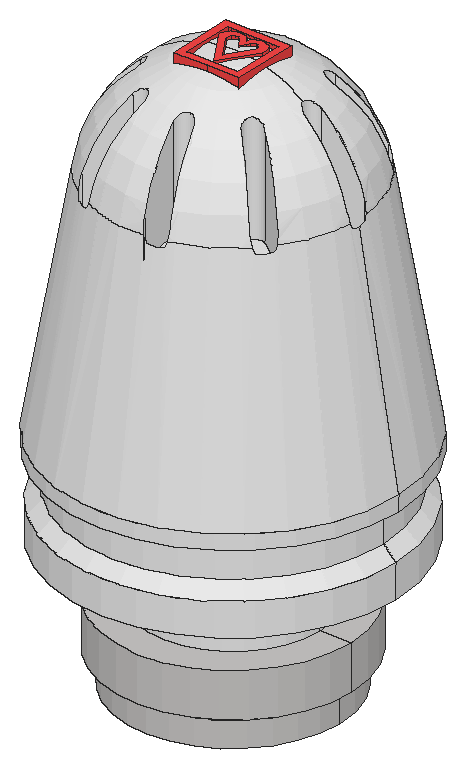
Revit family "Термостатическая головка HERZ-Design-MINI GS, с присоединительной резьбой М 28х1.5, 9200 06", category Rohrzubehör, Revit 2018
Family settings
  Bemaßung runder Anschluss = Durchmesser verwenden
  Teiletyp = Normal
  OmniClass-Nummer = 23.65.55.14
  OmniClass-Titel = Valves for Liquid Services
  Arbeitsebenenbasiert = Nein
  Immer vertikal = Nein
  Beim Laden mit Abzugskörper schneiden = Nein
  Gemeinsam genutzt = Nein
Parameters
  Принцип действия = "HERZ-термостатическая головка является датчиком прямого регулирования.\r\nИзменение объема жидкости в HERZ-гидросенсоре приводит в движение шток клапана."
  Область применения = "Для монтажа на всех HERZ-клапанах, предназначенных для термостатической работы."
  Номер заказа = 1920006  # constant formula
  Морозозащита = 6 °C  # constant formula
  Маховик = "Пластик, белый"  # constant formula
  Диапазон регулирования с морозозащитой = "6-28°C"  # constant formula
  Диапазон регулирования = "6-28°C"  # constant formula
  URL = "www.herz-armaturen.ru"
  S02 = 60 mm  # constant formula
  S01 = 73 mm  # constant formula
  Позиция теплового запирания "0" = "Термостатическая головка с жидкостным датчиком (гидросенсором) с позициями теплового запираниия \"0\" и морозозащиты, с ограничением и блокировкой диапазона регулирования."
  Hersteller = "HERZ Armaturen Ges.m.b.H."  # constant formula
  Позиция морозозащиты * = "Термостатическая головка с жидкостным датчиком (гидросенсором) с позицией морозозащиты и ограничением, блокировкой диапазона регулирования."
Reference planes
  plane 1 "Mitte (Vorne/hinten)": y = 0
  plane 2: z = 0
  plane 3 "Mitte (Links/rechts)": x = 0
Forms (mm)
  Revolve 1, solid, material "Kunststoff weiß", detail levels fine
    sketch origin (0, 0, 0) x (1, 0, 0) y (0, 0, 1)
      loop
        line (0, 0) -> (0, 73)
        arc (0, 73) -> (-11.397, 68.78) -> (-17.297, 58.156) r 17.5
        arc (-17.297, 58.156) -> (-20.011, 42.065) -> (-22.88, 26) r 1681.293
        line (-22.88, 26) -> (-22.88, 24) -> (-20.75, 24) -> (-20.75, 19.25) -> (-22.5, 17.5) -> (-22.5, 13) -> (-12.8, 13)
        arc (-12.8, 13) -> (-12.234, 12.766) -> (-12, 12.2) r 0.8
        line (-12, 12.2) -> (-12, 4.8) -> (-13.2, 4.8) -> (-13.2, 0) -> (0, 0)
      axis (0, 73) -> (0, 0)
    angle from 0 to 360
  Revolve 2, solid, material "Messing verzinkt", detail levels fine
    sketch origin (0, 0, 0) x (1, 0, 0) y (0, 0, 1)
      loop
        line (0, 0) -> (0, 5.5) -> (-16.35, 5.5) -> (-16.35, -0.576) -> (-14.75, -1.5) -> (-14.75, -5) -> (-13.35, -5) -> (-13.35, 0) -> (0, 0)
      axis (0, 5.5) -> (0, -5)
    angle from 0 to 360
  Extrusion 3, void
    sketch origin (0, 0, 0) x (1, 0, 0) y (0, 1, 0)
      loop
        arc (11.027, 1.298) -> (9.8, 0) -> (11.027, -1.298) r 1.3
        line (11.027, -1.298) -> (16.77, -1.62)
        arc (16.77, -1.62) -> (17.178, -1.485) -> (17.384, -1.107) r 0.586
        arc (17.384, -1.107) -> (17.453, 0.011) -> (17.382, 1.129) r 9
        arc (17.382, 1.129) -> (17.183, 1.492) -> (16.79, 1.621) r 0.564
        line (16.79, 1.621) -> (11.027, 1.298)
      loop
        line (9.282, 6.094) -> (13.904, 9.55)
        arc (13.904, 9.55) -> (14.121, 9.902) -> (14.04, 10.308) r 0.564
        arc (14.04, 10.308) -> (13.376, 11.21) -> (12.605, 12.023) r 9
        arc (12.605, 12.023) -> (12.205, 12.18) -> (11.805, 12.021) r 0.586
        line (11.805, 12.021) -> (7.613, 8.082)
        arc (7.613, 8.082) -> (7.507, 6.299) -> (9.282, 6.094) r 1.3
      loop
        arc (0.637, 11.085) -> (1.702, 9.651) -> (3.193, 10.634) r 1.3
        line (3.193, 10.634) -> (4.508, 16.234)
        arc (4.508, 16.234) -> (4.445, 16.659) -> (4.109, 16.928) r 0.586
        arc (4.109, 16.928) -> (3.02, 17.189) -> (1.907, 17.313) r 9
        arc (1.907, 17.313) -> (1.515, 17.181) -> (1.319, 16.816) r 0.564
        line (1.319, 16.816) -> (0.637, 11.085)
      loop
        line (-4.39, 10.199) -> (-6.991, 15.351)
        arc (-6.991, 15.351) -> (-7.3, 15.626) -> (-7.713, 15.617) r 0.564
        arc (-7.713, 15.617) -> (-8.717, 15.12) -> (-9.651, 14.501) r 9
        arc (-9.651, 14.501) -> (-9.875, 14.134) -> (-9.788, 13.713) r 0.586
        line (-9.788, 13.713) -> (-6.638, 8.901)
        arc (-6.638, 8.901) -> (-4.9, 8.487) -> (-4.39, 10.199) r 1.3
      loop
        arc (-10.806, 2.552) -> (-9.209, 3.352) -> (-9.918, 4.991) r 1.3
        line (-9.918, 4.991) -> (-15.204, 7.258)
        arc (-15.204, 7.258) -> (-15.634, 7.271) -> (-15.957, 6.986) r 0.586
        arc (-15.957, 6.986) -> (-16.404, 5.959) -> (-16.719, 4.884) r 9
        arc (-16.719, 4.884) -> (-16.657, 4.475) -> (-16.332, 4.219) r 0.564
        line (-16.332, 4.219) -> (-10.806, 2.552)
      loop
        line (-10.806, -2.552) -> (-16.332, -4.219)
        arc (-16.332, -4.219) -> (-16.657, -4.475) -> (-16.719, -4.884) r 0.564
        arc (-16.719, -4.884) -> (-16.404, -5.959) -> (-15.957, -6.986) r 9
        arc (-15.957, -6.986) -> (-15.634, -7.271) -> (-15.204, -7.258) r 0.586
        line (-15.204, -7.258) -> (-9.918, -4.991)
        arc (-9.918, -4.991) -> (-9.209, -3.352) -> (-10.806, -2.552) r 1.3
      loop
        arc (9.282, -6.094) -> (7.507, -6.299) -> (7.613, -8.082) r 1.3
        line (7.613, -8.082) -> (11.805, -12.021)
        arc (11.805, -12.021) -> (12.205, -12.18) -> (12.605, -12.023) r 0.586
        arc (12.605, -12.023) -> (13.376, -11.21) -> (14.04, -10.308) r 9
        arc (14.04, -10.308) -> (14.121, -9.902) -> (13.904, -9.55) r 0.564
        line (13.904, -9.55) -> (9.282, -6.094)
      loop
        line (0.637, -11.085) -> (1.319, -16.816)
        arc (1.319, -16.816) -> (1.515, -17.181) -> (1.907, -17.313) r 0.564
        arc (1.907, -17.313) -> (3.02, -17.189) -> (4.109, -16.928) r 9
        arc (4.109, -16.928) -> (4.445, -16.659) -> (4.508, -16.234) r 0.586
        line (4.508, -16.234) -> (3.193, -10.634)
        arc (3.193, -10.634) -> (1.702, -9.651) -> (0.637, -11.085) r 1.3
      loop
        arc (-4.39, -10.199) -> (-4.9, -8.487) -> (-6.638, -8.901) r 1.3
        line (-6.638, -8.901) -> (-9.788, -13.713)
        arc (-9.788, -13.713) -> (-9.875, -14.134) -> (-9.651, -14.501) r 0.586
        arc (-9.651, -14.501) -> (-8.717, -15.12) -> (-7.713, -15.617) r 9
        arc (-7.713, -15.617) -> (-7.3, -15.626) -> (-6.991, -15.351) r 0.564
        line (-6.991, -15.351) -> (-4.39, -10.199)
    from 55 to 73
Cuts and joins
  Extrusion 3 cuts Revolve 1
Lines and regions (mm)
  model lines, detail levels coarse+medium
    curve 1: line (0, 0, 0) -> (0, 0, 13)
    curve 2: line (0, -0.017, 0) -> (0, 13, 0)
    curve 3: circle (0, 0, 43) r 30 normal (0, -1, 0)
    curve 4: circle (0, 0, 43) r 30 normal (1, 0, 0)
    curve 5: line (0, 0, 23) -> (0, 0, 63)
    curve 6: line (0, 17.5, 63) -> (0, -17.5, 63)
    curve 7: line (-17.5, 0, 63) -> (17.5, 0, 63)
    curve 8: circle (0, 43, 0) r 30 normal (0, 0, 1)
    curve 9: line (0, 23, 0) -> (0, 63, 0)
    curve 10: line (-17.5, 63, 0) -> (17.5, 63, 0)
Dimensions and locks
  "S01": curve 4 to plane 2
  "S01": curve 3 to plane 2
  "S01": plane 1 "Mitte (Vorne/hinten)" to curve 8
  "S02": diameter of curve 3
  "S02": diameter of curve 4
  "S02": diameter of curve 8
  aligned and locked: level to plane 2
Automatic sketch dimensions
  Revolve 1 sketch curve to level = 0 mm
  Revolve 1 sketch curve to plane 3 "Mitte (Links/rechts)" = 0 mm  (x2)
  Revolve 1 sketch curve to plane 3 "Mitte (Links/rechts)" = 12 mm
  Revolve 1 sketch curve to Revolve 1 sketch curve = 0.8 mm
  Revolve 1 sketch curve to Revolve 1 sketch curve = 1.2 mm
  Revolve 1 sketch curve to Revolve 1 sketch curve = 7.95 mm
  Revolve 1 sketch curve to Revolve 1 sketch curve = 1.75 mm  (x2)
  Revolve 1 sketch curve to Revolve 1 sketch curve = 2.13 mm
  level to Revolve 1 sketch curve = 329.658 mm
  Revolve 1 sketch curve to plane 3 "Mitte (Links/rechts)" = 1676.524 mm
  level to Revolve 1 sketch curve = 4.8 mm
  Revolve 1 sketch curve to Revolve 1 sketch curve = 7.4 mm
  Revolve 1 sketch curve to Revolve 1 sketch curve = 4.5 mm
  Revolve 1 sketch curve to Revolve 1 sketch curve = 4.75 mm
  Revolve 1 sketch curve to Revolve 1 sketch curve = 2 mm
  Revolve 1 sketch curve to Revolve 1 sketch curve = 29.5 mm
  Revolve 1 sketch curve to Revolve 1 sketch curve = 17.5 mm
  Revolve 1 sketch curve to level = 366.045 mm
  Revolve 1 sketch curve to Revolve 1 sketch curve = 2141.315 mm
  Revolve 2 sketch curve to level = 0 mm
  Revolve 2 sketch curve to plane 3 "Mitte (Links/rechts)" = 0 mm  (x2)
  Revolve 2 sketch curve to level = 5 mm
  Revolve 2 sketch curve to plane 3 "Mitte (Links/rechts)" = 13.35 mm
  Revolve 2 sketch curve to Revolve 2 sketch curve = 1.4 mm
  Revolve 2 sketch curve to level = 0.576 mm
  Revolve 2 sketch curve to Revolve 2 sketch curve = 1.6 mm
  Revolve 2 sketch curve to level = 1.5 mm
  level to Revolve 2 sketch curve = 5.5 mm
  Revolve 2 sketch curve to Revolve 2 sketch curve = 361.045 mm
  Revolve 2 sketch curve to Revolve 2 sketch curve = 2208.815 mm
  plane 1 "Mitte (Vorne/hinten)" to Extrusion 3 sketch curve = 0 mm  (x2)
  Extrusion 3 sketch curve to plane 1 "Mitte (Vorne/hinten)" = 4.219 mm
  Extrusion 3 sketch curve to plane 3 "Mitte (Links/rechts)" = 16.332 mm
  plane 1 "Mitte (Vorne/hinten)" to Extrusion 3 sketch curve = 4.219 mm
  Extrusion 3 sketch curve to Extrusion 3 sketch curve = 0 mm  (x11)
  Extrusion 3 sketch curve to Extrusion 3 sketch curve = 0.163 mm  (x2)
  Extrusion 3 sketch curve to Extrusion 3 sketch curve = 0.734 mm  (x2)
  plane 1 "Mitte (Vorne/hinten)" to Extrusion 3 sketch curve = 7.258 mm
  Extrusion 3 sketch curve to Extrusion 3 sketch curve = 0.231 mm  (x2)
  Extrusion 3 sketch curve to plane 1 "Mitte (Vorne/hinten)" = 7.258 mm
  plane 1 "Mitte (Vorne/hinten)" to Extrusion 3 sketch curve = 2.552 mm
  Extrusion 3 sketch curve to Extrusion 3 sketch curve = 5.526 mm
  Extrusion 3 sketch curve to plane 1 "Mitte (Vorne/hinten)" = 2.552 mm
  Extrusion 3 sketch curve to Extrusion 3 sketch curve = 0.375 mm  (x2)
  Extrusion 3 sketch curve to Extrusion 3 sketch curve = 0.512 mm  (x2)
  Extrusion 3 sketch curve to Extrusion 3 sketch curve = 5.416 mm  (x2)
  Extrusion 3 sketch curve to Extrusion 3 sketch curve = 0.49 mm  (x2)
  Extrusion 3 sketch curve to Extrusion 3 sketch curve = 2.488 mm  (x2)
  Extrusion 3 sketch curve to Extrusion 3 sketch curve = 1.803 mm  (x2)
  Extrusion 3 sketch curve to Extrusion 3 sketch curve = 0.504 mm  (x2)
  Extrusion 3 sketch curve to Extrusion 3 sketch curve = 3.281 mm  (x2)
  Extrusion 3 sketch curve to Extrusion 3 sketch curve = 1.088 mm  (x2)
  Extrusion 3 sketch curve to Extrusion 3 sketch curve = 1.16 mm  (x2)
  Extrusion 3 sketch curve to Extrusion 3 sketch curve = 1.324 mm  (x2)
  plane 3 "Mitte (Links/rechts)" to Extrusion 3 sketch curve = 0.637 mm  (x2)
  plane 3 "Mitte (Links/rechts)" to Extrusion 3 sketch curve = 1.319 mm  (x2)
  plane 3 "Mitte (Links/rechts)" to Extrusion 3 sketch curve = 1.468 mm  (x2)
  Extrusion 3 sketch curve to Extrusion 3 sketch curve = 0.561 mm  (x2)
  Extrusion 3 sketch curve to Extrusion 3 sketch curve = 1.291 mm  (x2)
  Extrusion 3 sketch curve to Extrusion 3 sketch curve = 1.266 mm  (x2)
  Extrusion 3 sketch curve to Extrusion 3 sketch curve = 2.058 mm  (x2)
  Extrusion 3 sketch curve to Extrusion 3 sketch curve = 0.57 mm  (x2)
  Extrusion 3 sketch curve to Extrusion 3 sketch curve = 5.007 mm  (x2)
  Extrusion 3 sketch curve to Extrusion 3 sketch curve = 1.138 mm  (x2)
  Extrusion 3 sketch curve to Extrusion 3 sketch curve = 1.978 mm
  Extrusion 3 sketch curve to Extrusion 3 sketch curve = 0.89 mm  (x2)
  Extrusion 3 sketch curve to Extrusion 3 sketch curve = 0.779 mm  (x2)
  plane 1 "Mitte (Vorne/hinten)" to Extrusion 3 sketch curve = 1.298 mm
  Extrusion 3 sketch curve to Extrusion 3 sketch curve = 2.575 mm
  Extrusion 3 sketch curve to Extrusion 3 sketch curve = 0.073 mm
  Extrusion 3 sketch curve to Extrusion 3 sketch curve = 4.192 mm  (x2)
  Extrusion 3 sketch curve to Extrusion 3 sketch curve = 0.401 mm  (x2)
  Extrusion 3 sketch curve to Extrusion 3 sketch curve = 1.36 mm  (x2)
  Extrusion 3 sketch curve to Extrusion 3 sketch curve = 0.338 mm  (x2)
  plane 1 "Mitte (Vorne/hinten)" to Extrusion 3 sketch curve = 1.62 mm
  Extrusion 3 sketch curve to Extrusion 3 sketch curve = 5.743 mm
  Extrusion 3 sketch curve to plane 1 "Mitte (Vorne/hinten)" = 1.621 mm
  Extrusion 3 sketch curve to Extrusion 3 sketch curve = 0.02 mm
  Extrusion 3 sketch curve to Extrusion 3 sketch curve = 0.033 mm
  Extrusion 3 sketch curve to Extrusion 3 sketch curve = 0.032 mm
  plane 1 "Mitte (Vorne/hinten)" to Extrusion 3 sketch curve = 7.32 mm
  Extrusion 3 sketch curve to Extrusion 3 sketch curve = 6.784 mm
  Extrusion 3 sketch curve to Extrusion 3 sketch curve = 1.004 mm
  Extrusion 3 sketch curve to Extrusion 3 sketch curve = 1.581 mm  (x2)
  Extrusion 3 sketch curve to Extrusion 3 sketch curve = 1.468 mm
  Extrusion 3 sketch curve to Extrusion 3 sketch curve = 0.712 mm  (x2)
  Extrusion 3 sketch curve to Extrusion 3 sketch curve = 0.452 mm  (x2)
  Extrusion 3 sketch curve to Extrusion 3 sketch curve = 2.31 mm  (x2)
  Extrusion 3 sketch curve to Extrusion 3 sketch curve = 0.297 mm  (x2)
  Extrusion 3 sketch curve to Extrusion 3 sketch curve = 1.591 mm  (x2)
  Extrusion 3 sketch curve to Extrusion 3 sketch curve = 0.427 mm  (x2)
  Extrusion 3 sketch curve to Extrusion 3 sketch curve = 4.812 mm  (x2)
  Extrusion 3 sketch curve to Extrusion 3 sketch curve = 0.321 mm  (x2)
  Extrusion 3 sketch curve to Extrusion 3 sketch curve = 1.063 mm  (x2)
  Extrusion 3 sketch curve to Extrusion 3 sketch curve = 0.254 mm  (x2)
  Extrusion 3 sketch curve to Extrusion 3 sketch curve = 5.599 mm  (x2)
  Extrusion 3 sketch curve to Extrusion 3 sketch curve = 0.134 mm  (x2)
  Extrusion 3 sketch curve to Extrusion 3 sketch curve = 0.382 mm  (x2)
  Extrusion 3 sketch curve to Extrusion 3 sketch curve = 0.067 mm  (x2)
  Extrusion 3 sketch curve to Extrusion 3 sketch curve = 0.947 mm
  Extrusion 3 sketch curve to Extrusion 3 sketch curve = 0.539 mm  (x2)
  Extrusion 3 sketch curve to Extrusion 3 sketch curve = 1.702 mm
  Extrusion 3 sketch curve to Extrusion 3 sketch curve = 2.439 mm
  Extrusion 3 sketch curve to Extrusion 3 sketch curve = 0.54 mm  (x2)
  Extrusion 3 sketch curve to Extrusion 3 sketch curve = 0.905 mm
  Extrusion 3 sketch curve to Extrusion 3 sketch curve = 0.585 mm
  Extrusion 3 sketch curve to Extrusion 3 sketch curve = 0.564 mm
  Extrusion 3 sketch curve to Extrusion 3 sketch curve = 0.339 mm
  Extrusion 3 sketch curve to Extrusion 3 sketch curve = 1.245 mm
  Extrusion 3 sketch curve to plane 1 "Mitte (Vorne/hinten)" = 5.433 mm
  Extrusion 3 sketch curve to Extrusion 3 sketch curve = 0.661 mm
  Extrusion 3 sketch curve to Extrusion 3 sketch curve = 1.041 mm
  Extrusion 3 sketch curve to Extrusion 3 sketch curve = 4.429 mm
  Extrusion 3 sketch curve to Extrusion 3 sketch curve = 2.891 mm
  Extrusion 3 sketch curve to Extrusion 3 sketch curve = 3.456 mm
  Extrusion 3 sketch curve to plane 1 "Mitte (Vorne/hinten)" = 1.298 mm  (x2)
  curve 5 to plane 1 "Mitte (Vorne/hinten)" = 0 mm
  curve 4 to plane 1 "Mitte (Vorne/hinten)" = 0 mm
  plane 1 "Mitte (Vorne/hinten)" to curve 6 = 17.5 mm
  curve 5 to curve 6 = 17.5 mm
  curve 5 to curve 4 = 20 mm
  curve 4 to curve 6 = 20 mm
  curve 3 to plane 3 "Mitte (Links/rechts)" = 0 mm
  curve 1 to plane 3 "Mitte (Links/rechts)" = 0 mm
  curve 1 to level = 0 mm
  curve 7 to plane 3 "Mitte (Links/rechts)" = 17.5 mm
  plane 3 "Mitte (Links/rechts)" to curve 7 = 17.5 mm
  curve 3 to curve 7 = 20 mm
  curve 8 to plane 3 "Mitte (Links/rechts)" = 0 mm
  curve 9 to plane 3 "Mitte (Links/rechts)" = 0 mm
  curve 2 to plane 3 "Mitte (Links/rechts)" = 0 mm
  curve 10 to curve 9 = 17.5 mm
  plane 3 "Mitte (Links/rechts)" to curve 10 = 17.5 mm
  plane 1 "Mitte (Vorne/hinten)" to curve 2 = 0.017 mm
  curve 2 to curve 9 = 10 mm
  curve 8 to curve 10 = 20 mm
Nested families
  nested 1: "Herz-Logo" at (0, 0, 71.5), type "Herz-Logo", detail levels fine
Definition of nested family "Herz-Logo"
  Reference planes
    plane 1 "Mitte (Vorne/hinten)": y = 0
    plane 2: z = 0
    plane 3 "Mitte (Links/rechts)": x = 0
  Forms (mm)
    Extrusion 1, solid
      sketch origin (0, 0, 0) x (1, 0, 0) y (0, 1, 0)
        loop
          line (-0.018, -4.517) -> (4.482, -4.517) -> (4.482, 4.483) -> (-4.518, 4.483) -> (-4.518, -4.517) -> (-0.018, -4.517)
        loop
          line (-0.05, -3.48) -> (3.482, -3.48) -> (3.482, 3.483) -> (-3.518, 3.483) -> (-3.518, -3.48) -> (-0.05, -3.48)
        loop
          arc (-0.018, 2.383) -> (-1.543, 3.287) -> (-3.067, 2.383) r 1.738
          arc (-3.067, 2.383) -> (-3.191, 1.899) -> (-3.067, 1.415) r 1.009
          line (-3.067, 1.415) -> (-0.018, -3.281) -> (3.032, 1.415)
          arc (3.032, 1.415) -> (3.156, 1.899) -> (3.032, 2.383) r 1.009
          arc (3.032, 2.383) -> (1.507, 3.287) -> (-0.018, 2.383) r 1.738
        loop
          arc (1.885, 1.272) -> (2.005, 1.675) -> (1.885, 2.079) r 0.74
          arc (1.885, 2.079) -> (1.265, 2.416) -> (0.644, 2.079) r 0.74
          line (0.644, 2.079) -> (-0.018, 0.97) -> (-0.679, 2.079)
          arc (-0.679, 2.079) -> (-1.3, 2.416) -> (-1.921, 2.079) r 0.74
          arc (-1.921, 2.079) -> (-2.04, 1.675) -> (-1.921, 1.272) r 0.74
          line (-1.921, 1.272) -> (-0.018, -1.658) -> (1.885, 1.272)
      from 0 to 1.5
  Dimensions and locks
    aligned and locked: level to plane 2
